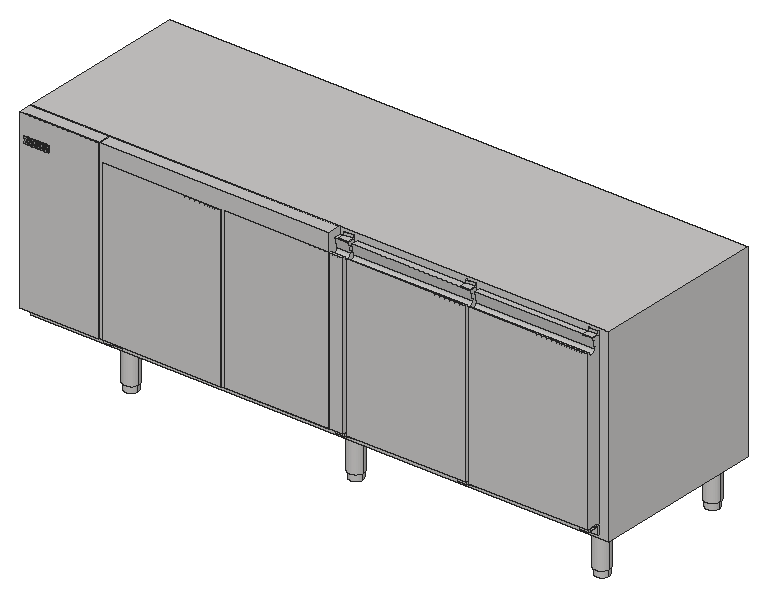
Revit family "QF_ZANUSSI_111114_ZK4H7AAAA", category Attrezzature speciali, Revit 2018 (continued)
Definition of nested family "HPC_ZAN_BI_TN_L"
  Lines and regions (mm)
    Split face 125
      outline origin (0, -999.3, 50) x (1, 0, 0) y (0, 1, 0)
        loop
          arc (-163.464, 631.474) -> (-167.464, 627.474) -> (-163.464, 623.474) r 4
          line (-163.464, 623.474) -> (-121.464, 623.474)
          arc (-121.464, 623.474) -> (-117.464, 627.474) -> (-121.464, 631.474) r 4
          line (-121.464, 631.474) -> (-163.464, 631.474)
    Split face 126
      outline origin (330, -999.3, 50) x (1, 0, 0) y (0, 1, 0)
        loop
          arc (-328.464, 631.474) -> (-332.464, 627.474) -> (-328.464, 623.474) r 4
          line (-328.464, 623.474) -> (-286.464, 623.474)
          arc (-286.464, 623.474) -> (-282.464, 627.474) -> (-286.464, 631.474) r 4
          line (-286.464, 631.474) -> (-328.464, 631.474)
    Split face 127
      outline origin (110, -999.3, 50) x (1, 0, 0) y (0, 1, 0)
        loop
          arc (-218.464, 631.474) -> (-222.464, 627.474) -> (-218.464, 623.474) r 4
          line (-218.464, 623.474) -> (-176.464, 623.474)
          arc (-176.464, 623.474) -> (-172.464, 627.474) -> (-176.464, 631.474) r 4
          line (-176.464, 631.474) -> (-218.464, 631.474)
    Split face 128
      outline origin (220, -999.3, 50) x (1, 0, 0) y (0, 1, 0)
        loop
          arc (-273.464, 631.474) -> (-277.464, 627.474) -> (-273.464, 623.474) r 4
          line (-273.464, 623.474) -> (-231.464, 623.474)
          arc (-231.464, 623.474) -> (-227.464, 627.474) -> (-231.464, 631.474) r 4
          line (-231.464, 631.474) -> (-273.464, 631.474)
    Split face 129
      outline origin (0, -1023.3, 50) x (1, 0, 0) y (0, 1, 0)
        loop
          arc (-163.464, 643.474) -> (-167.464, 639.474) -> (-163.464, 635.474) r 4
          line (-163.464, 635.474) -> (-121.464, 635.474)
          arc (-121.464, 635.474) -> (-117.464, 639.474) -> (-121.464, 643.474) r 4
          line (-121.464, 643.474) -> (-163.464, 643.474)
    Split face 130
      outline origin (330, -1023.3, 50) x (1, 0, 0) y (0, 1, 0)
        loop
          arc (-328.464, 643.474) -> (-332.464, 639.474) -> (-328.464, 635.474) r 4
          line (-328.464, 635.474) -> (-286.464, 635.474)
          arc (-286.464, 635.474) -> (-282.464, 639.474) -> (-286.464, 643.474) r 4
          line (-286.464, 643.474) -> (-328.464, 643.474)
    Split face 131
      outline origin (110, -1023.3, 50) x (1, 0, 0) y (0, 1, 0)
        loop
          arc (-218.464, 643.474) -> (-222.464, 639.474) -> (-218.464, 635.474) r 4
          line (-218.464, 635.474) -> (-176.464, 635.474)
          arc (-176.464, 635.474) -> (-172.464, 639.474) -> (-176.464, 643.474) r 4
          line (-176.464, 643.474) -> (-218.464, 643.474)
    Split face 132
      outline origin (220, -1023.3, 50) x (1, 0, 0) y (0, 1, 0)
        loop
          arc (-273.464, 643.474) -> (-277.464, 639.474) -> (-273.464, 635.474) r 4
          line (-273.464, 635.474) -> (-231.464, 635.474)
          arc (-231.464, 635.474) -> (-227.464, 639.474) -> (-231.464, 643.474) r 4
          line (-231.464, 643.474) -> (-273.464, 643.474)
    Split face 133
      outline origin (0, 0, 50) x (1, 0, 0) y (0, 1, 0)
        loop
          arc (-110.805, 143) -> (-91.516, 151.543) -> (-75.866, 165.689) r 66.613
          arc (-75.866, 165.689) -> (-71.555, 176.578) -> (-74.139, 188) r 19.83
    Split face 134
      outline origin (0, 0, 50) x (1, 0, 0) y (0, 1, 0)
        loop
          arc (-98.775, 143) -> (-84.812, 152.003) -> (-73.538, 164.208) r 66.007
          arc (-73.538, 164.208) -> (-69.563, 175.991) -> (-72.794, 188) r 21.447
    Split face 135
      outline origin (0, 0, 50) x (1, 0, 0) y (0, 1, 0)
        loop
          line (41.58, 174) -> (41.58, 166.5) -> (49.08, 166.5) -> (49.08, 174) -> (41.58, 174)
    Split face 136
      outline origin (0, 0, 50) x (1, 0, 0) y (0, 1, 0)
        loop
          line (32.08, 174) -> (32.08, 166.5) -> (39.58, 166.5) -> (39.58, 174) -> (32.08, 174)
    Split face 137
      outline origin (0, 0, 50) x (1, 0, 0) y (0, 1, 0)
        loop
          line (32.08, 164.5) -> (32.08, 157) -> (39.58, 157) -> (39.58, 164.5) -> (32.08, 164.5)
    Split face 138
      outline origin (9.5, 0, 50) x (1, 0, 0) y (0, 1, 0)
        loop
          line (32.08, 164.5) -> (32.08, 157) -> (39.58, 157) -> (39.58, 164.5) -> (32.08, 164.5)
    Split face 139
      outline origin (0, 0, 50) x (1, 0, 0) y (0, 1, 0)
        loop
          line (-14.92, 174) -> (-14.92, 157) -> (25.08, 157) -> (25.08, 174) -> (-14.92, 174)
    symbolic lines
      curve 1: line (87.08, -74, 50) -> (87.08, -74, 0)
  Dimensions and locks
    equal spacing: plane 6, plane 1 "Center (Front/Back)", plane 7
    equal spacing: plane 4, plane 3 "Center (Left/Right)", plane 5
    aligned and locked: plane 2 to Extrusion 1
    aligned and locked: level to Extrusion 1
  Automatic sketch dimensions
    Split face 7 sketch curve to Split face 7 sketch curve = 42 mm
    Split face 7 sketch curve to Split face 7 sketch curve = 4 mm
    Extrusion 1 sketch curve to Extrusion 1 sketch curve = 2438.4 mm  (x2)
    Extrusion 2 sketch curve to plane 4 = 0 mm
    Extrusion 2 sketch curve to plane 5 = 0 mm
    Extrusion 2 sketch curve to plane 7 = 0 mm
    Extrusion 2 sketch curve to plane 6 = 0 mm
    Split face 1 sketch curve to Extrusion 2 = 105 mm
    Split face 1 sketch curve to Extrusion 2 = 35 mm
    Split face 1 sketch curve to Extrusion 2 = 98 mm
    Split face 1 sketch curve to Split face 1 sketch curve = 23 mm
    Split face 2 sketch curve to Extrusion 2 = 0 mm  (x2)
    Split face 2 sketch curve to Extrusion 2 = 64 mm
    Split face 3 sketch curve to Extrusion 2 = 43.456 mm
    Split face 3 sketch curve to Split face 3 sketch curve = 42 mm
    Split face 3 sketch curve to Extrusion 2 = 128.176 mm
    Split face 3 sketch curve to Split face 3 sketch curve = 4 mm
    Split face 4 sketch curve to Extrusion 2 = 85.544 mm
    Split face 4 sketch curve to Split face 4 sketch curve = 42 mm
    Split face 4 sketch curve to Extrusion 2 = 128.176 mm
    Split face 4 sketch curve to Split face 4 sketch curve = 4 mm
    Split face 5 sketch curve to Extrusion 2 = 98.456 mm
    Split face 5 sketch curve to Split face 5 sketch curve = 42 mm
    Split face 5 sketch curve to Extrusion 2 = 128.176 mm
    Split face 5 sketch curve to Split face 5 sketch curve = 4 mm
    Split face 6 sketch curve to Extrusion 2 = 140.544 mm
    Split face 6 sketch curve to Split face 6 sketch curve = 42 mm
    Split face 6 sketch curve to Extrusion 2 = 128.176 mm
    Split face 6 sketch curve to Split face 6 sketch curve = 4 mm
    Extrusion 3 sketch curve to Extrusion 3 sketch curve = 294 mm
    Extrusion 3 sketch curve to Extrusion 3 sketch curve = 652 mm
    Split face 8 sketch curve to Extrusion 2 = 43.456 mm
    Split face 8 sketch curve to Split face 8 sketch curve = 42 mm
    Split face 8 sketch curve to Extrusion 2 = 140.176 mm
    Split face 8 sketch curve to Split face 8 sketch curve = 4 mm
    Split face 9 sketch curve to Extrusion 2 = 85.544 mm
    Split face 9 sketch curve to Split face 9 sketch curve = 42 mm
    Split face 9 sketch curve to Extrusion 2 = 140.176 mm
    Split face 9 sketch curve to Split face 9 sketch curve = 4 mm
    Split face 10 sketch curve to Extrusion 2 = 98.456 mm
    Split face 10 sketch curve to Split face 10 sketch curve = 42 mm
    Split face 10 sketch curve to Extrusion 2 = 140.176 mm
    Split face 10 sketch curve to Split face 10 sketch curve = 4 mm
    Split face 11 sketch curve to Extrusion 2 = 140.544 mm
    Split face 11 sketch curve to Split face 11 sketch curve = 42 mm
    Split face 11 sketch curve to Extrusion 2 = 140.176 mm
    Split face 11 sketch curve to Split face 11 sketch curve = 4 mm
    Split face 12 sketch curve to Extrusion 2 = 43.456 mm
    Split face 12 sketch curve to Split face 12 sketch curve = 42 mm
    Split face 12 sketch curve to Extrusion 2 = 152.176 mm
    Split face 12 sketch curve to Split face 12 sketch curve = 4 mm
    Split face 13 sketch curve to Extrusion 2 = 85.544 mm
    Split face 13 sketch curve to Split face 13 sketch curve = 42 mm
    Split face 13 sketch curve to Extrusion 2 = 152.176 mm
    Split face 13 sketch curve to Split face 13 sketch curve = 4 mm
    Split face 14 sketch curve to Extrusion 2 = 98.456 mm
    Split face 14 sketch curve to Split face 14 sketch curve = 42 mm
    Split face 14 sketch curve to Extrusion 2 = 152.176 mm
    Split face 14 sketch curve to Split face 14 sketch curve = 4 mm
    Split face 15 sketch curve to Extrusion 2 = 140.544 mm
    Split face 15 sketch curve to Split face 15 sketch curve = 42 mm
    Split face 15 sketch curve to Extrusion 2 = 152.176 mm
    Split face 15 sketch curve to Split face 15 sketch curve = 4 mm
    Split face 16 sketch curve to Extrusion 2 = 43.456 mm
    Split face 16 sketch curve to Split face 16 sketch curve = 42 mm
    Split face 16 sketch curve to Extrusion 2 = 164.176 mm
    Split face 16 sketch curve to Split face 16 sketch curve = 4 mm
    Split face 17 sketch curve to Extrusion 2 = 85.544 mm
    Split face 17 sketch curve to Split face 17 sketch curve = 42 mm
    Split face 17 sketch curve to Extrusion 2 = 164.176 mm
    Split face 17 sketch curve to Split face 17 sketch curve = 4 mm
    Split face 18 sketch curve to Extrusion 2 = 98.456 mm
    Split face 18 sketch curve to Split face 18 sketch curve = 42 mm
    Split face 18 sketch curve to Extrusion 2 = 164.176 mm
    Split face 18 sketch curve to Split face 18 sketch curve = 4 mm
    Split face 19 sketch curve to Extrusion 2 = 140.544 mm
    Split face 19 sketch curve to Split face 19 sketch curve = 42 mm
    Split face 19 sketch curve to Extrusion 2 = 164.176 mm
    Split face 19 sketch curve to Split face 19 sketch curve = 4 mm
    Split face 20 sketch curve to Extrusion 2 = 43.456 mm
    Split face 20 sketch curve to Split face 20 sketch curve = 42 mm
    Split face 20 sketch curve to Extrusion 2 = 176.176 mm
    Split face 20 sketch curve to Split face 20 sketch curve = 4 mm
    Split face 21 sketch curve to Extrusion 2 = 85.544 mm
    Split face 21 sketch curve to Split face 21 sketch curve = 42 mm
    Split face 21 sketch curve to Extrusion 2 = 176.176 mm
    Split face 21 sketch curve to Split face 21 sketch curve = 4 mm
    Split face 22 sketch curve to Extrusion 2 = 98.456 mm
    Split face 22 sketch curve to Split face 22 sketch curve = 42 mm
    Split face 22 sketch curve to Extrusion 2 = 176.176 mm
    Split face 22 sketch curve to Split face 22 sketch curve = 4 mm
    Split face 23 sketch curve to Extrusion 2 = 140.544 mm
    Split face 23 sketch curve to Split face 23 sketch curve = 42 mm
    Split face 23 sketch curve to Extrusion 2 = 176.176 mm
    Split face 23 sketch curve to Split face 23 sketch curve = 4 mm
    Split face 24 sketch curve to Extrusion 2 = 43.456 mm
    Split face 24 sketch curve to Split face 24 sketch curve = 42 mm
    Split face 24 sketch curve to Extrusion 2 = 188.176 mm
    Split face 24 sketch curve to Split face 24 sketch curve = 4 mm
    Split face 25 sketch curve to Extrusion 2 = 85.544 mm
    Split face 25 sketch curve to Split face 25 sketch curve = 42 mm
    Split face 25 sketch curve to Extrusion 2 = 188.176 mm
    Split face 25 sketch curve to Split face 25 sketch curve = 4 mm
    Split face 26 sketch curve to Extrusion 2 = 98.456 mm
    Split face 26 sketch curve to Split face 26 sketch curve = 42 mm
    Split face 26 sketch curve to Extrusion 2 = 188.176 mm
    Split face 26 sketch curve to Split face 26 sketch curve = 4 mm
    Split face 27 sketch curve to Extrusion 2 = 140.544 mm
    Split face 27 sketch curve to Split face 27 sketch curve = 42 mm
    Split face 27 sketch curve to Extrusion 2 = 188.176 mm
    Split face 27 sketch curve to Split face 27 sketch curve = 4 mm
    Split face 28 sketch curve to Extrusion 2 = 43.456 mm
    Split face 28 sketch curve to Split face 28 sketch curve = 42 mm
    Split face 28 sketch curve to Extrusion 2 = 200.176 mm
    Split face 28 sketch curve to Split face 28 sketch curve = 4 mm
    Split face 29 sketch curve to Extrusion 2 = 85.544 mm
    Split face 29 sketch curve to Split face 29 sketch curve = 42 mm
    Split face 29 sketch curve to Extrusion 2 = 200.176 mm
    Split face 29 sketch curve to Split face 29 sketch curve = 4 mm
    Split face 30 sketch curve to Extrusion 2 = 98.456 mm
    Split face 30 sketch curve to Split face 30 sketch curve = 42 mm
    Split face 30 sketch curve to Extrusion 2 = 200.176 mm
    Split face 30 sketch curve to Split face 30 sketch curve = 4 mm
    Split face 31 sketch curve to Extrusion 2 = 140.544 mm
    Split face 31 sketch curve to Split face 31 sketch curve = 42 mm
    Split face 31 sketch curve to Extrusion 2 = 200.176 mm
    Split face 31 sketch curve to Split face 31 sketch curve = 4 mm
    Split face 32 sketch curve to Extrusion 2 = 43.456 mm
    Split face 32 sketch curve to Split face 32 sketch curve = 42 mm
    Split face 32 sketch curve to Extrusion 2 = 212.176 mm
    Split face 32 sketch curve to Split face 32 sketch curve = 4 mm
    Split face 33 sketch curve to Extrusion 2 = 85.544 mm
    Split face 33 sketch curve to Split face 33 sketch curve = 42 mm
    Split face 33 sketch curve to Extrusion 2 = 212.176 mm
    Split face 33 sketch curve to Split face 33 sketch curve = 4 mm
    Split face 34 sketch curve to Extrusion 2 = 98.456 mm
    Split face 34 sketch curve to Split face 34 sketch curve = 42 mm
    Split face 34 sketch curve to Extrusion 2 = 212.176 mm
    Split face 34 sketch curve to Split face 34 sketch curve = 4 mm
    Split face 35 sketch curve to Extrusion 2 = 140.544 mm
    Split face 35 sketch curve to Split face 35 sketch curve = 42 mm
    Split face 35 sketch curve to Extrusion 2 = 212.176 mm
    Split face 35 sketch curve to Split face 35 sketch curve = 4 mm
    Split face 36 sketch curve to Extrusion 2 = 43.456 mm
    Split face 36 sketch curve to Split face 36 sketch curve = 42 mm
    Split face 36 sketch curve to Extrusion 2 = 224.176 mm
    Split face 36 sketch curve to Split face 36 sketch curve = 4 mm
    Split face 37 sketch curve to Extrusion 2 = 85.544 mm
    Split face 37 sketch curve to Split face 37 sketch curve = 42 mm
    Split face 37 sketch curve to Extrusion 2 = 224.176 mm
    Split face 37 sketch curve to Split face 37 sketch curve = 4 mm
    Split face 38 sketch curve to Extrusion 2 = 98.456 mm
    Split face 38 sketch curve to Split face 38 sketch curve = 42 mm
    Split face 38 sketch curve to Extrusion 2 = 224.176 mm
    Split face 38 sketch curve to Split face 38 sketch curve = 4 mm
    Split face 39 sketch curve to Extrusion 2 = 140.544 mm
    Split face 39 sketch curve to Split face 39 sketch curve = 42 mm
    Split face 39 sketch curve to Extrusion 2 = 224.176 mm
    Split face 39 sketch curve to Split face 39 sketch curve = 4 mm
    Split face 40 sketch curve to Extrusion 2 = 43.456 mm
    Split face 40 sketch curve to Split face 40 sketch curve = 42 mm
    Split face 40 sketch curve to Extrusion 2 = 236.176 mm
    Split face 40 sketch curve to Split face 40 sketch curve = 4 mm
    Split face 41 sketch curve to Extrusion 2 = 85.544 mm
    Split face 41 sketch curve to Split face 41 sketch curve = 42 mm
    Split face 41 sketch curve to Extrusion 2 = 236.176 mm
    Split face 41 sketch curve to Split face 41 sketch curve = 4 mm
    Split face 42 sketch curve to Extrusion 2 = 98.456 mm
    Split face 42 sketch curve to Split face 42 sketch curve = 42 mm
    Split face 42 sketch curve to Extrusion 2 = 236.176 mm
    Split face 42 sketch curve to Split face 42 sketch curve = 4 mm
    Split face 43 sketch curve to Extrusion 2 = 140.544 mm
    Split face 43 sketch curve to Split face 43 sketch curve = 42 mm
    Split face 43 sketch curve to Extrusion 2 = 236.176 mm
    Split face 43 sketch curve to Split face 43 sketch curve = 4 mm
    Split face 44 sketch curve to Extrusion 2 = 43.456 mm
    Split face 44 sketch curve to Split face 44 sketch curve = 42 mm
    Split face 44 sketch curve to Extrusion 2 = 248.176 mm
    Split face 44 sketch curve to Split face 44 sketch curve = 4 mm
    Split face 45 sketch curve to Extrusion 2 = 85.544 mm
    Split face 45 sketch curve to Split face 45 sketch curve = 42 mm
    Split face 45 sketch curve to Extrusion 2 = 248.176 mm
    Split face 45 sketch curve to Split face 45 sketch curve = 4 mm
    Split face 46 sketch curve to Extrusion 2 = 98.456 mm
    Split face 46 sketch curve to Split face 46 sketch curve = 42 mm
    Split face 46 sketch curve to Extrusion 2 = 248.176 mm
    Split face 46 sketch curve to Split face 46 sketch curve = 4 mm
    Split face 47 sketch curve to Extrusion 2 = 140.544 mm
    Split face 47 sketch curve to Split face 47 sketch curve = 42 mm
    Split face 47 sketch curve to Extrusion 2 = 248.176 mm
    Split face 47 sketch curve to Split face 47 sketch curve = 4 mm
    Split face 48 sketch curve to Extrusion 2 = 43.456 mm
    Split face 48 sketch curve to Split face 48 sketch curve = 42 mm
    Split face 48 sketch curve to Extrusion 2 = 260.176 mm
    Split face 48 sketch curve to Split face 48 sketch curve = 4 mm
    Split face 49 sketch curve to Extrusion 2 = 85.544 mm
    Split face 49 sketch curve to Split face 49 sketch curve = 42 mm
    Split face 49 sketch curve to Extrusion 2 = 260.176 mm
    Split face 49 sketch curve to Split face 49 sketch curve = 4 mm
    Split face 50 sketch curve to Extrusion 2 = 98.456 mm
    Split face 50 sketch curve to Split face 50 sketch curve = 42 mm
    Split face 50 sketch curve to Extrusion 2 = 260.176 mm
    Split face 50 sketch curve to Split face 50 sketch curve = 4 mm
    Split face 51 sketch curve to Extrusion 2 = 140.544 mm
    Split face 51 sketch curve to Split face 51 sketch curve = 42 mm
    Split face 51 sketch curve to Extrusion 2 = 260.176 mm
    Split face 51 sketch curve to Split face 51 sketch curve = 4 mm
    Split face 52 sketch curve to Extrusion 2 = 43.456 mm
    Split face 52 sketch curve to Split face 52 sketch curve = 42 mm
    Split face 52 sketch curve to Extrusion 2 = 272.176 mm
    Split face 52 sketch curve to Split face 52 sketch curve = 4 mm
    Split face 53 sketch curve to Extrusion 2 = 85.544 mm
    Split face 53 sketch curve to Split face 53 sketch curve = 42 mm
    Split face 53 sketch curve to Extrusion 2 = 272.176 mm
    Split face 53 sketch curve to Split face 53 sketch curve = 4 mm
    Split face 54 sketch curve to Extrusion 2 = 98.456 mm
    Split face 54 sketch curve to Split face 54 sketch curve = 42 mm
    Split face 54 sketch curve to Extrusion 2 = 272.176 mm
    Split face 54 sketch curve to Split face 54 sketch curve = 4 mm
    Split face 55 sketch curve to Extrusion 2 = 140.544 mm
    Split face 55 sketch curve to Split face 55 sketch curve = 42 mm
    Split face 55 sketch curve to Extrusion 2 = 272.176 mm
    Split face 55 sketch curve to Split face 55 sketch curve = 4 mm
    Split face 56 sketch curve to Extrusion 2 = 43.456 mm
    Split face 56 sketch curve to Split face 56 sketch curve = 42 mm
    Split face 56 sketch curve to Extrusion 2 = 284.176 mm
    Split face 56 sketch curve to Split face 56 sketch curve = 4 mm
    Split face 57 sketch curve to Extrusion 2 = 85.544 mm
    Split face 57 sketch curve to Split face 57 sketch curve = 42 mm
    Split face 57 sketch curve to Extrusion 2 = 284.176 mm
    Split face 57 sketch curve to Split face 57 sketch curve = 4 mm
    Split face 58 sketch curve to Extrusion 2 = 98.456 mm
    Split face 58 sketch curve to Split face 58 sketch curve = 42 mm
    Split face 58 sketch curve to Extrusion 2 = 284.176 mm
    Split face 58 sketch curve to Split face 58 sketch curve = 4 mm
    Split face 59 sketch curve to Extrusion 2 = 140.544 mm
    Split face 59 sketch curve to Split face 59 sketch curve = 42 mm
    Split face 59 sketch curve to Extrusion 2 = 284.176 mm
    Split face 59 sketch curve to Split face 59 sketch curve = 4 mm
    Split face 60 sketch curve to Extrusion 2 = 43.456 mm
    Split face 60 sketch curve to Split face 60 sketch curve = 42 mm
    Split face 60 sketch curve to Extrusion 2 = 296.176 mm
    Split face 60 sketch curve to Split face 60 sketch curve = 4 mm
    Split face 61 sketch curve to Extrusion 2 = 85.544 mm
    Split face 61 sketch curve to Split face 61 sketch curve = 42 mm
    Split face 61 sketch curve to Extrusion 2 = 296.176 mm
    Split face 61 sketch curve to Split face 61 sketch curve = 4 mm
    Split face 62 sketch curve to Extrusion 2 = 98.456 mm
    Split face 62 sketch curve to Split face 62 sketch curve = 42 mm
    Split face 62 sketch curve to Extrusion 2 = 296.176 mm
    Split face 62 sketch curve to Split face 62 sketch curve = 4 mm
    Split face 63 sketch curve to Extrusion 2 = 140.544 mm
    Split face 63 sketch curve to Split face 63 sketch curve = 42 mm
    Split face 63 sketch curve to Extrusion 2 = 296.176 mm
    Split face 63 sketch curve to Split face 63 sketch curve = 4 mm
    Split face 64 sketch curve to Extrusion 2 = 43.456 mm
    Split face 64 sketch curve to Split face 64 sketch curve = 42 mm
    Split face 64 sketch curve to Extrusion 2 = 308.176 mm
    Split face 64 sketch curve to Split face 64 sketch curve = 4 mm
    Split face 65 sketch curve to Extrusion 2 = 85.544 mm
    Split face 65 sketch curve to Split face 65 sketch curve = 42 mm
    Split face 65 sketch curve to Extrusion 2 = 308.176 mm
    Split face 65 sketch curve to Split face 65 sketch curve = 4 mm
    Split face 66 sketch curve to Extrusion 2 = 98.456 mm
    Split face 66 sketch curve to Split face 66 sketch curve = 42 mm
    Split face 66 sketch curve to Extrusion 2 = 308.176 mm
    Split face 66 sketch curve to Split face 66 sketch curve = 4 mm
    Split face 67 sketch curve to Extrusion 2 = 140.544 mm
    Split face 67 sketch curve to Split face 67 sketch curve = 42 mm
    Split face 67 sketch curve to Extrusion 2 = 308.176 mm
    Split face 67 sketch curve to Split face 67 sketch curve = 4 mm
    Split face 68 sketch curve to Extrusion 2 = 0 mm  (x2)
    Split face 68 sketch curve to Extrusion 2 = 109 mm
    Split face 69 sketch curve to Extrusion 2 = 43.456 mm
    Split face 69 sketch curve to Split face 69 sketch curve = 42 mm
    Split face 69 sketch curve to Extrusion 2 = 192.174 mm
    Split face 69 sketch curve to Split face 69 sketch curve = 4 mm
    Split face 70 sketch curve to Extrusion 2 = 85.544 mm
    Split face 70 sketch curve to Split face 70 sketch curve = 42 mm
    Split face 70 sketch curve to Extrusion 2 = 192.174 mm
    Split face 70 sketch curve to Split face 70 sketch curve = 4 mm
    Split face 71 sketch curve to Extrusion 2 = 98.456 mm
    Split face 71 sketch curve to Split face 71 sketch curve = 42 mm
    Split face 71 sketch curve to Extrusion 2 = 192.174 mm
    Split face 71 sketch curve to Split face 71 sketch curve = 4 mm
    Split face 72 sketch curve to Extrusion 2 = 140.544 mm
    Split face 72 sketch curve to Split face 72 sketch curve = 42 mm
    Split face 72 sketch curve to Extrusion 2 = 192.174 mm
    Split face 72 sketch curve to Split face 72 sketch curve = 4 mm
    Split face 73 sketch curve to Extrusion 2 = 43.456 mm
    Split face 73 sketch curve to Split face 73 sketch curve = 42 mm
    Split face 73 sketch curve to Extrusion 2 = 180.174 mm
    Split face 73 sketch curve to Split face 73 sketch curve = 4 mm
    Split face 74 sketch curve to Extrusion 2 = 85.544 mm
    Split face 74 sketch curve to Split face 74 sketch curve = 42 mm
    Split face 74 sketch curve to Extrusion 2 = 180.174 mm
    Split face 74 sketch curve to Split face 74 sketch curve = 4 mm
    Split face 75 sketch curve to Extrusion 2 = 98.456 mm
    Split face 75 sketch curve to Split face 75 sketch curve = 42 mm
    Split face 75 sketch curve to Extrusion 2 = 180.174 mm
    Split face 75 sketch curve to Split face 75 sketch curve = 4 mm
    Split face 76 sketch curve to Extrusion 2 = 140.544 mm
    Split face 76 sketch curve to Split face 76 sketch curve = 42 mm
    Split face 76 sketch curve to Extrusion 2 = 180.174 mm
    Split face 76 sketch curve to Split face 76 sketch curve = 4 mm
    Split face 77 sketch curve to Extrusion 2 = 43.456 mm
    Split face 77 sketch curve to Split face 77 sketch curve = 42 mm
    Split face 77 sketch curve to Extrusion 2 = 168.174 mm
    Split face 77 sketch curve to Split face 77 sketch curve = 4 mm
    Split face 78 sketch curve to Extrusion 2 = 85.544 mm
    Split face 78 sketch curve to Split face 78 sketch curve = 42 mm
    Split face 78 sketch curve to Extrusion 2 = 168.174 mm
    Split face 78 sketch curve to Split face 78 sketch curve = 4 mm
    Split face 79 sketch curve to Extrusion 2 = 98.456 mm
    Split face 79 sketch curve to Split face 79 sketch curve = 42 mm
    Split face 79 sketch curve to Extrusion 2 = 168.174 mm
    Split face 79 sketch curve to Split face 79 sketch curve = 4 mm
    Split face 80 sketch curve to Extrusion 2 = 140.544 mm
    Split face 80 sketch curve to Split face 80 sketch curve = 42 mm
    Split face 80 sketch curve to Extrusion 2 = 168.174 mm
    Split face 80 sketch curve to Split face 80 sketch curve = 4 mm
    Split face 81 sketch curve to Extrusion 2 = 43.456 mm
    Split face 81 sketch curve to Split face 81 sketch curve = 42 mm
    Split face 81 sketch curve to Extrusion 2 = 156.174 mm
    Split face 81 sketch curve to Split face 81 sketch curve = 4 mm
    Split face 82 sketch curve to Extrusion 2 = 85.544 mm
    Split face 82 sketch curve to Split face 82 sketch curve = 42 mm
    Split face 82 sketch curve to Extrusion 2 = 156.174 mm
    Split face 82 sketch curve to Split face 82 sketch curve = 4 mm
    Split face 83 sketch curve to Extrusion 2 = 98.456 mm
    Split face 83 sketch curve to Split face 83 sketch curve = 42 mm
    Split face 83 sketch curve to Extrusion 2 = 156.174 mm
    Split face 83 sketch curve to Split face 83 sketch curve = 4 mm
    Split face 84 sketch curve to Extrusion 2 = 140.544 mm
    Split face 84 sketch curve to Split face 84 sketch curve = 42 mm
    Split face 84 sketch curve to Extrusion 2 = 156.174 mm
    Split face 84 sketch curve to Split face 84 sketch curve = 4 mm
    Split face 85 sketch curve to Extrusion 2 = 43.456 mm
    Split face 85 sketch curve to Split face 85 sketch curve = 42 mm
    Split face 85 sketch curve to Extrusion 2 = 144.174 mm
    Split face 85 sketch curve to Split face 85 sketch curve = 4 mm
    Split face 86 sketch curve to Extrusion 2 = 85.544 mm
    Split face 86 sketch curve to Split face 86 sketch curve = 42 mm
    Split face 86 sketch curve to Extrusion 2 = 144.174 mm
    Split face 86 sketch curve to Split face 86 sketch curve = 4 mm
    Split face 87 sketch curve to Extrusion 2 = 98.456 mm
    Split face 87 sketch curve to Split face 87 sketch curve = 42 mm
    Split face 87 sketch curve to Extrusion 2 = 144.174 mm
    Split face 87 sketch curve to Split face 87 sketch curve = 4 mm
    Split face 88 sketch curve to Extrusion 2 = 140.544 mm
    Split face 88 sketch curve to Split face 88 sketch curve = 42 mm
    Split face 88 sketch curve to Extrusion 2 = 144.174 mm
    Split face 88 sketch curve to Split face 88 sketch curve = 4 mm
    Split face 89 sketch curve to Extrusion 2 = 43.456 mm
    Split face 89 sketch curve to Split face 89 sketch curve = 42 mm
    Split face 89 sketch curve to Extrusion 2 = 132.174 mm
    Split face 89 sketch curve to Split face 89 sketch curve = 4 mm
    Split face 90 sketch curve to Extrusion 2 = 85.544 mm
    Split face 90 sketch curve to Split face 90 sketch curve = 42 mm
    Split face 90 sketch curve to Extrusion 2 = 132.174 mm
    Split face 90 sketch curve to Split face 90 sketch curve = 4 mm
    Split face 91 sketch curve to Extrusion 2 = 98.456 mm
    Split face 91 sketch curve to Split face 91 sketch curve = 42 mm
    Split face 91 sketch curve to Extrusion 2 = 132.174 mm
    Split face 91 sketch curve to Split face 91 sketch curve = 4 mm
    Split face 92 sketch curve to Extrusion 2 = 140.544 mm
    Split face 92 sketch curve to Split face 92 sketch curve = 42 mm
    Split face 92 sketch curve to Extrusion 2 = 132.174 mm
    Split face 92 sketch curve to Split face 92 sketch curve = 4 mm
    Split face 93 sketch curve to Extrusion 2 = 43.456 mm
    Split face 93 sketch curve to Split face 93 sketch curve = 42 mm
    Split face 93 sketch curve to Extrusion 2 = 120.174 mm
    Split face 93 sketch curve to Split face 93 sketch curve = 4 mm
    Split face 94 sketch curve to Extrusion 2 = 85.544 mm
    Split face 94 sketch curve to Split face 94 sketch curve = 42 mm
    Split face 94 sketch curve to Extrusion 2 = 120.174 mm
    Split face 94 sketch curve to Split face 94 sketch curve = 4 mm
    Split face 95 sketch curve to Extrusion 2 = 98.456 mm
    Split face 95 sketch curve to Split face 95 sketch curve = 42 mm
    Split face 95 sketch curve to Extrusion 2 = 120.174 mm
    Split face 95 sketch curve to Split face 95 sketch curve = 4 mm
    Split face 96 sketch curve to Extrusion 2 = 140.544 mm
    Split face 96 sketch curve to Split face 96 sketch curve = 42 mm
    Split face 96 sketch curve to Extrusion 2 = 120.174 mm
    Split face 96 sketch curve to Split face 96 sketch curve = 4 mm
    Split face 97 sketch curve to Extrusion 2 = 43.456 mm
    Split face 97 sketch curve to Split face 97 sketch curve = 42 mm
    Split face 97 sketch curve to Extrusion 2 = 108.174 mm
    Split face 97 sketch curve to Split face 97 sketch curve = 4 mm
    Split face 98 sketch curve to Extrusion 2 = 85.544 mm
    Split face 98 sketch curve to Split face 98 sketch curve = 42 mm
    Split face 98 sketch curve to Extrusion 2 = 108.174 mm
    Split face 98 sketch curve to Split face 98 sketch curve = 4 mm
    Split face 99 sketch curve to Extrusion 2 = 98.456 mm
    Split face 99 sketch curve to Split face 99 sketch curve = 42 mm
    Split face 99 sketch curve to Extrusion 2 = 108.174 mm
    Split face 99 sketch curve to Split face 99 sketch curve = 4 mm
    Split face 100 sketch curve to Extrusion 2 = 140.544 mm
    Split face 100 sketch curve to Split face 100 sketch curve = 42 mm
    Split face 100 sketch curve to Extrusion 2 = 108.174 mm
    Split face 100 sketch curve to Split face 100 sketch curve = 4 mm
    Split face 101 sketch curve to Extrusion 2 = 43.456 mm
    Split face 101 sketch curve to Split face 101 sketch curve = 42 mm
    Split face 101 sketch curve to Extrusion 2 = 96.174 mm
    Split face 101 sketch curve to Split face 101 sketch curve = 4 mm
    Split face 102 sketch curve to Extrusion 2 = 85.544 mm
    Split face 102 sketch curve to Split face 102 sketch curve = 42 mm
    Split face 102 sketch curve to Extrusion 2 = 96.174 mm
    Split face 102 sketch curve to Split face 102 sketch curve = 4 mm
    Split face 103 sketch curve to Extrusion 2 = 98.456 mm
    Split face 103 sketch curve to Split face 103 sketch curve = 42 mm
    Split face 103 sketch curve to Extrusion 2 = 96.174 mm
    Split face 103 sketch curve to Split face 103 sketch curve = 4 mm
    Split face 104 sketch curve to Extrusion 2 = 140.544 mm
    Split face 104 sketch curve to Split face 104 sketch curve = 42 mm
    Split face 104 sketch curve to Extrusion 2 = 96.174 mm
    Split face 104 sketch curve to Split face 104 sketch curve = 4 mm
    Split face 105 sketch curve to Extrusion 2 = 43.456 mm
    Split face 105 sketch curve to Split face 105 sketch curve = 42 mm
    Split face 105 sketch curve to Extrusion 2 = 84.174 mm
    Split face 105 sketch curve to Split face 105 sketch curve = 4 mm
    Split face 106 sketch curve to Extrusion 2 = 85.544 mm
    Split face 106 sketch curve to Split face 106 sketch curve = 42 mm
    Split face 106 sketch curve to Extrusion 2 = 84.174 mm
    Split face 106 sketch curve to Split face 106 sketch curve = 4 mm
    Split face 107 sketch curve to Extrusion 2 = 98.456 mm
    Split face 107 sketch curve to Split face 107 sketch curve = 42 mm
    Split face 107 sketch curve to Extrusion 2 = 84.174 mm
    Split face 107 sketch curve to Split face 107 sketch curve = 4 mm
    Split face 108 sketch curve to Extrusion 2 = 92.174 mm
    Split face 108 sketch curve to Extrusion 2 = 140.544 mm
    Split face 108 sketch curve to Split face 108 sketch curve = 42 mm
    Split face 108 sketch curve to Split face 108 sketch curve = 4 mm
    Split face 109 sketch curve to Extrusion 2 = 43.456 mm
    Split face 109 sketch curve to Split face 109 sketch curve = 42 mm
    Split face 109 sketch curve to Extrusion 2 = 72.174 mm
    Split face 109 sketch curve to Split face 109 sketch curve = 4 mm
    Split face 110 sketch curve to Extrusion 2 = 85.544 mm
    Split face 110 sketch curve to Split face 110 sketch curve = 42 mm
    Split face 110 sketch curve to Extrusion 2 = 72.174 mm
    Split face 110 sketch curve to Split face 110 sketch curve = 4 mm
    Split face 111 sketch curve to Extrusion 2 = 98.456 mm
    Split face 111 sketch curve to Split face 111 sketch curve = 42 mm
    Split face 111 sketch curve to Extrusion 2 = 72.174 mm
    Split face 111 sketch curve to Split face 111 sketch curve = 4 mm
    Split face 112 sketch curve to Extrusion 2 = 80.174 mm
    Split face 112 sketch curve to Extrusion 2 = 140.544 mm
    Split face 112 sketch curve to Split face 112 sketch curve = 42 mm
    Split face 112 sketch curve to Split face 112 sketch curve = 4 mm
    Split face 113 sketch curve to Extrusion 2 = 43.456 mm
    Split face 113 sketch curve to Split face 113 sketch curve = 42 mm
    Split face 113 sketch curve to Extrusion 2 = 60.174 mm
    Split face 113 sketch curve to Split face 113 sketch curve = 4 mm
    Split face 114 sketch curve to Extrusion 2 = 85.544 mm
    Split face 114 sketch curve to Split face 114 sketch curve = 42 mm
    Split face 114 sketch curve to Extrusion 2 = 60.174 mm
    Split face 114 sketch curve to Split face 114 sketch curve = 4 mm
    Split face 115 sketch curve to Extrusion 2 = 98.456 mm
    Split face 115 sketch curve to Split face 115 sketch curve = 42 mm
    Split face 115 sketch curve to Extrusion 2 = 60.174 mm
    Split face 115 sketch curve to Split face 115 sketch curve = 4 mm
    Split face 116 sketch curve to Extrusion 2 = 68.174 mm
    Split face 116 sketch curve to Extrusion 2 = 140.544 mm
    Split face 116 sketch curve to Split face 116 sketch curve = 42 mm
    Split face 116 sketch curve to Split face 116 sketch curve = 4 mm
    Split face 117 sketch curve to Extrusion 2 = 43.456 mm
    Split face 117 sketch curve to Split face 117 sketch curve = 42 mm
    Split face 117 sketch curve to Extrusion 2 = 48.174 mm
    Split face 117 sketch curve to Split face 117 sketch curve = 4 mm
    Split face 118 sketch curve to Extrusion 2 = 56.174 mm
    Split face 118 sketch curve to Extrusion 2 = 85.544 mm
    Split face 118 sketch curve to Split face 118 sketch curve = 42 mm
    Split face 118 sketch curve to Split face 118 sketch curve = 4 mm
    Split face 119 sketch curve to Extrusion 2 = 56.174 mm
    Split face 119 sketch curve to Extrusion 2 = 98.456 mm
    Split face 119 sketch curve to Split face 119 sketch curve = 42 mm
    Split face 119 sketch curve to Split face 119 sketch curve = 4 mm
    Split face 120 sketch curve to Extrusion 2 = 56.174 mm
    Split face 120 sketch curve to Extrusion 2 = 140.544 mm
    Split face 120 sketch curve to Split face 120 sketch curve = 42 mm
    Split face 120 sketch curve to Split face 120 sketch curve = 4 mm
    Split face 121 sketch curve to Extrusion 2 = 43.456 mm
    Split face 121 sketch curve to Split face 121 sketch curve = 42 mm
    Split face 121 sketch curve to Extrusion 2 = 36.174 mm
    Split face 121 sketch curve to Split face 121 sketch curve = 4 mm
    Split face 122 sketch curve to Extrusion 2 = 44.174 mm
    Split face 122 sketch curve to Extrusion 2 = 85.544 mm
    Split face 122 sketch curve to Split face 122 sketch curve = 42 mm
    Split face 122 sketch curve to Split face 122 sketch curve = 4 mm
    Split face 123 sketch curve to Extrusion 2 = 44.174 mm
    Split face 123 sketch curve to Extrusion 2 = 98.456 mm
    Split face 123 sketch curve to Split face 123 sketch curve = 42 mm
    Split face 123 sketch curve to Split face 123 sketch curve = 4 mm
    Split face 124 sketch curve to Extrusion 2 = 44.174 mm
    Split face 124 sketch curve to Extrusion 2 = 140.544 mm
    Split face 124 sketch curve to Split face 124 sketch curve = 42 mm
    Split face 124 sketch curve to Split face 124 sketch curve = 4 mm
    Split face 125 sketch curve to Extrusion 2 = 43.456 mm
    Split face 125 sketch curve to Split face 125 sketch curve = 42 mm
    Split face 125 sketch curve to Extrusion 2 = 24.174 mm
    Split face 125 sketch curve to Split face 125 sketch curve = 4 mm
    Split face 126 sketch curve to Extrusion 2 = 32.174 mm
    Split face 126 sketch curve to Extrusion 2 = 85.544 mm
    Split face 126 sketch curve to Split face 126 sketch curve = 42 mm
    Split face 126 sketch curve to Split face 126 sketch curve = 4 mm
    Split face 127 sketch curve to Extrusion 2 = 32.174 mm
    Split face 127 sketch curve to Extrusion 2 = 98.456 mm
    Split face 127 sketch curve to Split face 127 sketch curve = 42 mm
    Split face 127 sketch curve to Split face 127 sketch curve = 4 mm
    Split face 128 sketch curve to Extrusion 2 = 32.174 mm
    Split face 128 sketch curve to Extrusion 2 = 140.544 mm
    Split face 128 sketch curve to Split face 128 sketch curve = 42 mm
    Split face 128 sketch curve to Split face 128 sketch curve = 4 mm
    Split face 129 sketch curve to Extrusion 2 = 20.174 mm
    Split face 129 sketch curve to Extrusion 2 = 43.456 mm
    Split face 129 sketch curve to Extrusion 2 = 16.174 mm
    Split face 129 sketch curve to Split face 129 sketch curve = 42 mm
    Split face 130 sketch curve to Extrusion 2 = 20.174 mm
    Split face 130 sketch curve to Extrusion 2 = 85.544 mm
    Split face 130 sketch curve to Extrusion 2 = 16.174 mm
    Split face 130 sketch curve to Split face 130 sketch curve = 42 mm
    Split face 131 sketch curve to Extrusion 2 = 20.174 mm
    Split face 131 sketch curve to Extrusion 2 = 98.456 mm
    Split face 131 sketch curve to Extrusion 2 = 16.174 mm
    Split face 131 sketch curve to Split face 131 sketch curve = 42 mm
    Split face 132 sketch curve to Extrusion 2 = 20.174 mm
    Split face 132 sketch curve to Extrusion 2 = 140.544 mm
    Split face 132 sketch curve to Extrusion 2 = 16.174 mm
    Split face 132 sketch curve to Split face 132 sketch curve = 42 mm
    plane 4 to Extrusion 4 sketch curve = 17.166 mm
    Extrusion 4 sketch curve to Extrusion 4 sketch curve = 0.562 mm
    Extrusion 4 sketch curve to Extrusion 4 sketch curve = 5.406 mm
    Extrusion 4 sketch curve to Extrusion 4 sketch curve = 6.457 mm
    Extrusion 4 sketch curve to Extrusion 4 sketch curve = 5.755 mm
    Extrusion 4 sketch curve to Extrusion 4 sketch curve = 7.368 mm
    Extrusion 4 sketch curve to Extrusion 4 sketch curve = 0.734 mm
    Extrusion 4 sketch curve to Extrusion 4 sketch curve = 5.086 mm
    Extrusion 4 sketch curve to Extrusion 4 sketch curve = 5.054 mm
    Extrusion 4 sketch curve to Extrusion 4 sketch curve = 0.702 mm  (x4)
    Extrusion 4 sketch curve to Extrusion 4 sketch curve = 0.561 mm
    Extrusion 4 sketch curve to Extrusion 4 sketch curve = 3.369 mm  (x2)
    Extrusion 4 sketch curve to Extrusion 4 sketch curve = 2.807 mm
    Extrusion 4 sketch curve to Extrusion 4 sketch curve = 4.071 mm  (x2)
    Extrusion 4 sketch curve to Extrusion 4 sketch curve = 5.053 mm
    Extrusion 4 sketch curve to Extrusion 4 sketch curve = 5.114 mm
    Extrusion 4 sketch curve to Extrusion 4 sketch curve = 4.352 mm  (x2)
    Extrusion 4 sketch curve to Extrusion 4 sketch curve = 5.194 mm
    Extrusion 4 sketch curve to Extrusion 4 sketch curve = 4.913 mm  (x6)
    Extrusion 4 sketch curve to Extrusion 4 sketch curve = 5.334 mm
    Extrusion 4 sketch curve to Extrusion 4 sketch curve = 1.123 mm
    Extrusion 4 sketch curve to Extrusion 4 sketch curve = 1.444 mm
    Extrusion 4 sketch curve to Extrusion 4 sketch curve = 0.094 mm
    Extrusion 4 sketch curve to Extrusion 4 sketch curve = 2.948 mm
    Extrusion 4 sketch curve to Extrusion 4 sketch curve = 1.825 mm
    Extrusion 4 sketch curve to Extrusion 4 sketch curve = 3.004 mm
    Extrusion 4 sketch curve to Extrusion 4 sketch curve = 4.058 mm  (x2)
    Extrusion 4 sketch curve to Extrusion 4 sketch curve = 2.478 mm  (x2)
    Extrusion 4 sketch curve to Extrusion 4 sketch curve = 0.121 mm  (x4)
    Extrusion 4 sketch curve to Extrusion 4 sketch curve = 1.228 mm  (x2)
    Extrusion 4 sketch curve to Extrusion 4 sketch curve = 2.118 mm  (x2)
    Extrusion 4 sketch curve to Extrusion 4 sketch curve = 1.578 mm  (x2)
    Extrusion 4 sketch curve to Extrusion 4 sketch curve = 0.128 mm  (x2)
    Extrusion 4 sketch curve to Extrusion 4 sketch curve = 0.564 mm  (x2)
    Extrusion 4 sketch curve to Extrusion 4 sketch curve = 0.622 mm  (x2)
    Extrusion 4 sketch curve to Extrusion 4 sketch curve = 0.31 mm  (x2)
    Extrusion 4 sketch curve to Extrusion 4 sketch curve = 1.171 mm  (x2)
    Extrusion 4 sketch curve to Extrusion 4 sketch curve = 0.512 mm  (x2)
    Extrusion 4 sketch curve to Extrusion 4 sketch curve = 0.123 mm  (x2)
    Extrusion 4 sketch curve to Extrusion 4 sketch curve = 0.02 mm  (x2)
    Extrusion 4 sketch curve to Extrusion 4 sketch curve = 1.774 mm  (x2)
    Extrusion 4 sketch curve to Extrusion 4 sketch curve = 1.52 mm
    Extrusion 4 sketch curve to Extrusion 4 sketch curve = 1.351 mm
    Extrusion 4 sketch curve to Extrusion 4 sketch curve = 4.632 mm  (x3)
    Extrusion 4 sketch curve to Extrusion 4 sketch curve = 0.076 mm  (x2)
    Extrusion 4 sketch curve to Extrusion 4 sketch curve = 3.79 mm
    Extrusion 4 sketch curve to Extrusion 4 sketch curve = 0.099 mm
    Extrusion 4 sketch curve to Extrusion 4 sketch curve = 1.668 mm
    Extrusion 4 sketch curve to Extrusion 4 sketch curve = 2.203 mm
    Extrusion 4 sketch curve to Extrusion 4 sketch curve = 2.87 mm
    Extrusion 4 sketch curve to Extrusion 4 sketch curve = 0.944 mm
    Extrusion 4 sketch curve to Extrusion 4 sketch curve = 5.408 mm
    Extrusion 4 sketch curve to Extrusion 4 sketch curve = 0.724 mm
    Extrusion 4 sketch curve to plane 6 = 98.623 mm
    Extrusion 4 sketch curve to Extrusion 4 sketch curve = 0 mm  (x13)
    Extrusion 4 sketch curve to Extrusion 4 sketch curve = 3.713 mm
    Extrusion 4 sketch curve to Extrusion 4 sketch curve = 1.341 mm
    Extrusion 4 sketch curve to Extrusion 4 sketch curve = 0.181 mm
    Extrusion 4 sketch curve to Extrusion 4 sketch curve = 2.372 mm  (x2)
    Extrusion 4 sketch curve to Extrusion 4 sketch curve = 0.043 mm  (x2)
    Extrusion 4 sketch curve to Extrusion 4 sketch curve = 0.08 mm  (x2)
    Extrusion 4 sketch curve to Extrusion 4 sketch curve = 6.582 mm
    Extrusion 4 sketch curve to Extrusion 4 sketch curve = 2.869 mm
    Extrusion 4 sketch curve to Extrusion 4 sketch curve = 0.739 mm  (x2)
    Extrusion 4 sketch curve to Extrusion 4 sketch curve = 1.344 mm  (x2)
    Extrusion 4 sketch curve to Extrusion 4 sketch curve = 0.997 mm
    Extrusion 4 sketch curve to Extrusion 4 sketch curve = 1.644 mm
    Extrusion 4 sketch curve to Extrusion 4 sketch curve = 1.841 mm
    Extrusion 4 sketch curve to Extrusion 4 sketch curve = 0.915 mm
    Extrusion 4 sketch curve to Extrusion 4 sketch curve = 2.767 mm
    Extrusion 4 sketch curve to Extrusion 4 sketch curve = 1.036 mm  (x2)
    Extrusion 4 sketch curve to Extrusion 4 sketch curve = 1.835 mm  (x2)
    Extrusion 4 sketch curve to Extrusion 4 sketch curve = 3.155 mm
    Extrusion 4 sketch curve to Extrusion 4 sketch curve = 4.449 mm
    Extrusion 4 sketch curve to Extrusion 4 sketch curve = 7.159 mm
    Extrusion 4 sketch curve to Extrusion 4 sketch curve = 4.846 mm  (x2)
    Extrusion 4 sketch curve to Extrusion 4 sketch curve = 5.13 mm
    Extrusion 4 sketch curve to Extrusion 4 sketch curve = 0.393 mm  (x2)
    Extrusion 4 sketch curve to Extrusion 4 sketch curve = 1.409 mm  (x2)
    Extrusion 4 sketch curve to Extrusion 4 sketch curve = 2.182 mm  (x2)
    Extrusion 4 sketch curve to Extrusion 4 sketch curve = 0.905 mm  (x2)
    Extrusion 4 sketch curve to Extrusion 4 sketch curve = 1.201 mm  (x2)
    Extrusion 4 sketch curve to Extrusion 4 sketch curve = 0.022 mm  (x2)
    Extrusion 4 sketch curve to Extrusion 4 sketch curve = 0.182 mm  (x2)
    Extrusion 4 sketch curve to Extrusion 4 sketch curve = 14.599 mm
    Extrusion 4 sketch curve to Extrusion 4 sketch curve = 0.14 mm
    Extrusion 4 sketch curve to Extrusion 4 sketch curve = 10.917 mm
    Extrusion 4 sketch curve to Extrusion 4 sketch curve = 0.281 mm
    Extrusion 4 sketch curve to Extrusion 4 sketch curve = 0.45 mm  (x2)
    Extrusion 4 sketch curve to Extrusion 4 sketch curve = 8.142 mm
    Extrusion 4 sketch curve to Extrusion 4 sketch curve = 4.492 mm
    Extrusion 4 sketch curve to Extrusion 4 sketch curve = 0.593 mm
    Extrusion 4 sketch curve to Extrusion 4 sketch curve = 4.345 mm
    Extrusion 4 sketch curve to Extrusion 4 sketch curve = 0.9 mm  (x2)
    Extrusion 4 sketch curve to Extrusion 4 sketch curve = 3.017 mm
    Extrusion 4 sketch curve to Extrusion 4 sketch curve = 0.952 mm  (x2)
    Extrusion 4 sketch curve to Extrusion 4 sketch curve = 1.658 mm
    Extrusion 4 sketch curve to Extrusion 4 sketch curve = 1.516 mm
    Split face 133 sketch curve to Extrusion 2 = 44.591 mm
    Split face 133 sketch curve to Extrusion 2 = 79.124 mm
    Split face 133 sketch curve to Split face 133 sketch curve = 36.471 mm
    Split face 133 sketch curve to Split face 133 sketch curve = 29.3 mm
    Split face 133 sketch curve to Split face 133 sketch curve = 19.479 mm
    Split face 133 sketch curve to Split face 133 sketch curve = 15.459 mm
    Split face 133 sketch curve to Split face 133 sketch curve = 0 mm
    Split face 133 sketch curve to Split face 133 sketch curve = 17.186 mm
    Split face 134 sketch curve to Extrusion 2 = 49.463 mm
    Split face 134 sketch curve to Extrusion 2 = 79.643 mm
    Split face 134 sketch curve to Split face 134 sketch curve = 36.278 mm
    Split face 134 sketch curve to Split face 134 sketch curve = 25.875 mm
    Split face 134 sketch curve to Split face 134 sketch curve = 7.776 mm
    Split face 134 sketch curve to Split face 134 sketch curve = 17.461 mm
    Split face 134 sketch curve to Split face 134 sketch curve = 0 mm
    Split face 134 sketch curve to Split face 134 sketch curve = 18.204 mm
    Split face 135 sketch curve to Extrusion 2 = 45.5 mm
    Split face 135 sketch curve to Split face 135 sketch curve = 7.5 mm  (x2)
    Split face 135 sketch curve to Extrusion 2 = 85.5 mm
    Split face 136 sketch curve to Extrusion 2 = 55 mm
    Split face 136 sketch curve to Split face 136 sketch curve = 7.5 mm  (x2)
    Split face 136 sketch curve to Extrusion 2 = 85.5 mm
    Split face 137 sketch curve to Extrusion 2 = 55 mm
    Split face 137 sketch curve to Split face 137 sketch curve = 7.5 mm  (x2)
    Split face 137 sketch curve to Extrusion 2 = 95 mm
    Split face 138 sketch curve to Extrusion 2 = 45.5 mm
    Split face 138 sketch curve to Split face 138 sketch curve = 7.5 mm  (x2)
    Split face 138 sketch curve to Extrusion 2 = 95 mm
    Split face 139 sketch curve to Extrusion 2 = 102 mm
    Split face 139 sketch curve to Split face 139 sketch curve = 40 mm
    Split face 139 sketch curve to Extrusion 2 = 95 mm
    Split face 139 sketch curve to Split face 139 sketch curve = 17 mm
    curve 1 to level = 0 mm
    curve 1 to plane 5 = 0 mm
    curve 1 to curve 1 = 50 mm
Definition of nested family "HPC_ZAN_SD_L"
  Parameters
    Show Clearance [instance] = yes
    Default Elevation = 1219.2 mm
  Reference planes
    plane 1 "Center (Front/Back)": y = 0
    plane 2: z = 0
    plane 3 "Center (Left/Right)": x = 0
    plane 4: x = -234
    plane 5: x = 234
  Forms (mm)
    Extrusion 1, solid
      sketch origin (0, 0, 0) x (1, 0, 0) y (0, 1, 0)
        loop
          line (-1219.2, 1219.2) -> (-1219.2, -1219.2) -> (1219.2, -1219.2) -> (1219.2, 1219.2) -> (-1219.2, 1219.2)
      from 0 to -304.8
    Extrusion 2, solid
      sketch origin (0, 0, -3) x (0, 1, 0) y (0, 0, 1)
        loop
          line (-314, 53) -> (-314, 3) -> (314, 3) -> (314, 29) -> (274.395, 20)
          arc (274.395, 20) -> (260.396, 33.803) -> (274, 47.994) r 14
          line (274, 47.994) -> (274, 53) -> (-314, 53)
      from -220 to 220
    Extrusion 3, solid
      sketch origin (0, 0, 0) x (0, 1, 0) y (0, 0, -1)
        loop
          line (-323.003, -40.312) -> (-323.003, -12.259) -> (-323.003, 0) -> (-351.511, 0) -> (-351.511, -2.5) -> (-325.503, -2.5) -> (-325.503, -42.812) -> (-316.501, -42.812) -> (-316.501, -40.312) -> (-323.003, -40.312)
        loop
          line (-314, -38.311) -> (-314, -11.804) -> (-319.752, -11.804) -> (-319.752, -14.304) -> (-316.501, -14.304) -> (-316.501, -38.311) -> (-314, -38.311)
        loop
          line (315.003, -27.948) -> (317.503, -27.948) -> (317.503, -2.5) -> (327.503, -2.5) -> (327.503, 0) -> (315.003, 0) -> (315.003, -2.948) -> (315.003, -27.948)
      from 185 to 220
    Extrusion 4, solid, visible <- "Show Clearance", detail levels coarse
      sketch origin (0, 0, -3) x (-1, 0, 0) y (0, 0, -1)
        loop
          line (220, -53) -> (-220, -53)
          arc (-220, -53) -> (-79.636, -340.04) -> (220, -451) r 430
          line (220, -451) -> (220, -53)
      from -314 to 314
  Lines and regions (mm)
    symbolic lines
      curve 1: arc (219.599, 0, 55) -> (95.934, 0, 321.503) -> (-170, 0, 446.39) r 430
      curve 2: line (-220, 0, 55) -> (-220, 0, 448)
      curve 3: line (-170, 0, 55) -> (-170, 0, 448)
      curve 4: line (-220, 0, 448) -> (-170, 0, 448)
  Dimensions and locks
    plane 4 to plane 3 "Center (Left/Right)" to plane 5 = 234 mm locked, 234 mm locked
    aligned and locked: plane 2 to Extrusion 1
    aligned and locked: level to Extrusion 1
Definition of nested family "HPC_ZAN_SD_R"
  Parameters
    Show Clearance [instance] = yes
    Default Elevation = 1219.2 mm
  Reference planes
    plane 1 "Center (Front/Back)": y = 0
    plane 2: z = 0
    plane 3 "Center (Left/Right)": x = 0
    plane 4: x = -234
    plane 5: x = 234
  Forms (mm)
    Extrusion 1, solid
      sketch origin (0, 0, 0) x (1, 0, 0) y (0, 1, 0)
        loop
          line (-1219.2, 1219.2) -> (-1219.2, -1219.2) -> (1219.2, -1219.2) -> (1219.2, 1219.2) -> (-1219.2, 1219.2)
      from 0 to -304.8
    Extrusion 2, solid
      sketch origin (0, 0, -3) x (0, 1, 0) y (0, 0, -1)
        loop
          line (-314, -53) -> (274, -53) -> (274, -47.994)
          arc (274, -47.994) -> (260.396, -33.803) -> (274.395, -20) r 14
          line (274.395, -20) -> (314, -29) -> (314, -3) -> (-314, -3) -> (-314, -53)
      from -220 to 220
    Extrusion 3, solid
      sketch origin (0, 0, 0) x (0, 1, 0) y (0, 0, 1)
        loop
          line (-323.003, 40.312) -> (-316.501, 40.312) -> (-316.501, 42.812) -> (-325.503, 42.812) -> (-325.503, 2.5) -> (-351.511, 2.5) -> (-351.511, 0) -> (-323.003, 0) -> (-323.003, 12.259) -> (-323.003, 40.312)
        loop
          line (-314, 38.311) -> (-316.501, 38.311) -> (-316.501, 14.304) -> (-319.752, 14.304) -> (-319.752, 11.804) -> (-314, 11.804) -> (-314, 38.311)
        loop
          line (315.003, 27.948) -> (315.003, 2.948) -> (315.003, 0) -> (327.503, 0) -> (327.503, 2.5) -> (317.503, 2.5) -> (317.503, 27.948) -> (315.003, 27.948)
      from 185 to 220
    Extrusion 4, solid, visible <- "Show Clearance", detail levels coarse
      sketch origin (0, 0, -3) x (1, 0, 0) y (0, 0, 1)
        loop
          line (220, 53) -> (220, 451)
          arc (220, 451) -> (-79.636, 340.04) -> (-220, 53) r 430
          line (-220, 53) -> (220, 53)
      from -314 to 314
  Lines and regions (mm)
    symbolic lines
      curve 1: arc (-219.599, 0, 55) -> (-95.934, 0, 321.503) -> (170, 0, 446.39) r 430
      curve 2: line (220, 0, 55) -> (220, 0, 448)
      curve 3: line (170, 0, 55) -> (170, 0, 448)
      curve 4: line (220, 0, 448) -> (170, 0, 448)
  Dimensions and locks
    plane 4 to plane 3 "Center (Left/Right)" to plane 5 = 234 mm locked, 234 mm locked
    aligned and locked: plane 2 to Extrusion 1
    aligned and locked: level to Extrusion 1
Definition of nested family "HPC_Refrigerator"
  Reference planes
    plane 1 "Center (Front/Back)": y = 0
    plane 2: z = 0
    plane 3 "Center (Left/Right)": x = 0
  Lines and regions (mm)
    detail lines, in view "Ref. Level"
      curve 1: spline (-500, 190, 0) -> (-493.185, 166.706, 0) -> (-473.205, 145, 0) -> (-441.421, 126.36, 0) -> (-400, 112.058, 0) -> (-351.764, 103.067, 0) -> (-300, 100, 0) -> (-248.236, 103.067, 0) -> (-200, 112.058, 0) -> (-158.579, 126.36, 0) -> (-126.795, 145, 0) -> (-106.815, 166.706, 0) -> (-100, 190, 0) -> (-106.815, 213.294, 0) -> (-126.795, 235, 0) -> (-158.579, 253.64, 0) -> (-200, 267.942, 0) -> (-248.236, 276.933, 0) -> (-300, 280, 0) -> (-351.764, 276.933, 0) -> (-400, 267.942, 0) -> (-441.421, 253.64, 0) -> (-473.205, 235, 0) -> (-493.185, 213.294, 0) -> (-500, 190, 0)
      curve 2: line (-300, 130, 0) -> (-300, 250, 0)
      curve 3: line (-351.962, 220, 0) -> (-248.038, 160, 0)
      curve 4: line (-351.962, 160, 0) -> (-248.038, 220, 0)
      curve 5: line (-280.884, 246.873, 0) -> (-300, 225, 0)
      curve 6: line (-300, 225, 0) -> (-319.116, 246.873, 0)
      curve 7: line (-330.311, 207.5, 0) -> (-339.696, 234.992, 0)
      curve 8: line (-358.812, 201.882, 0) -> (-330.311, 207.5, 0)
      curve 9: line (-330.311, 172.5, 0) -> (-358.812, 178.118, 0)
      curve 10: line (-339.696, 145.008, 0) -> (-330.311, 172.5, 0)
      curve 11: line (-300, 155, 0) -> (-319.116, 133.127, 0)
      curve 12: line (-280.884, 133.127, 0) -> (-300, 155, 0)
      curve 13: line (-269.689, 172.5, 0) -> (-260.304, 145.008, 0)
      curve 14: line (-241.188, 178.118, 0) -> (-269.689, 172.5, 0)
      curve 15: line (-269.689, 207.5, 0) -> (-241.188, 201.882, 0)
      curve 16: line (-260.304, 234.992, 0) -> (-269.689, 207.5, 0)
Types (2, lengths in mm): name | URL | Produttore | Phase | Modello | Descrizione
  (no name) | 0 | 0 | 0 | 0 | 0
  Standard | "http://www.zanussiprofessional.com" | "Zanussi" | 1 | "ZK4H7AAAA" | "4-DOOR REFRIGERATED COUNTER, -2+10°C, AISI 304 (R290), WITHOUT WORK TOP"
